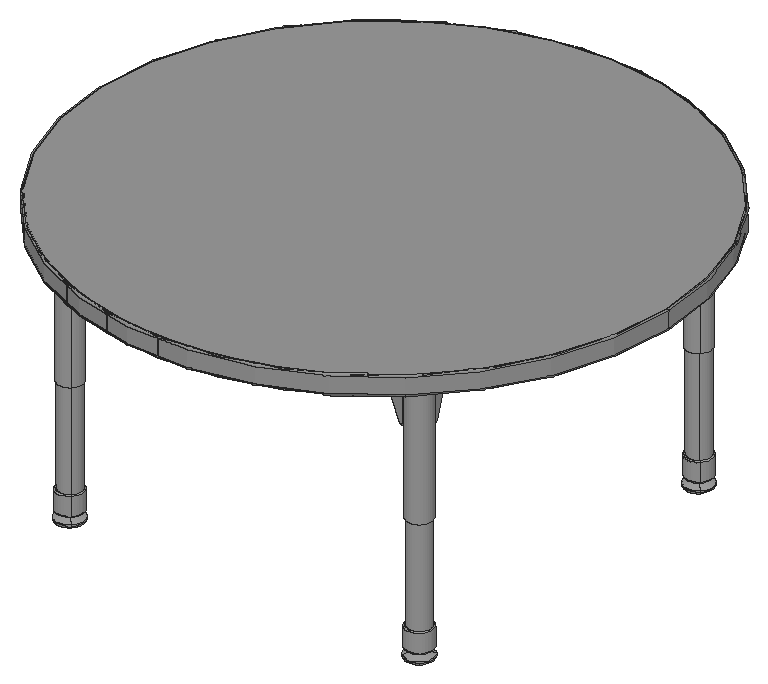
Revit family "Hierarchy Activity 36in Round Table - Youth Height", category Furniture, Revit 2018
Family settings
  Work Plane-Based = No
  Always vertical = Yes
  Cut with Voids When Loaded = No
  Shared = No
  Room Calculation Point = No
Parameters
  Table Height = 1' - 4"
  Surface = Hierarchy Activity 36" Round Table Youth Surface
  Leg Finish = Hierarchy Leg Platinum
  Edgeband = Hierarchy Activity 36" Round Table Youth Edgeband
  Caster/Glide = Hierarchy Youth Leg - Glide : Hierarchy Youth Leg - Glide
Reference planes (in)
  plane 1 "Center (Front/Back)": y = 0
  plane 2: z = 0
  plane 3 "Center (Left/Right)": x = 0
  plane 4: z = 16
Dimensions and locks (in)
  "Table Height": plane 4 to level
  aligned and locked: plane 2 to level
  aligned and locked: nested 1 to plane 4
Nested families (in)
  nested 1: "Activity 36 Round Tabletop" at (0, 0, -7.925), type "Activity 36 Round Tabletop"
  nested 2: "Hierarchy Youth Leg - Glide" at (-11, 11, 0) x (0.7071, 0.7071, 0) z (0, 0, 1), type <- "Caster/Glide", Leg Finish <- "Leg Finish", Leg Height <- "Table Height", type "Hierarchy Youth Leg - Glide"
    with Leg Height 1' - 4", Leg Finish Hierarchy Leg Platinum
  nested 3: "Hierarchy Youth Leg - Glide" at (-11, -11, 0) x (-0.7071, 0.7071, 0) z (0, 0, 1), type <- "Caster/Glide", Leg Finish <- "Leg Finish", Leg Height <- "Table Height", type "Hierarchy Youth Leg - Glide"
    with Leg Height 1' - 4", Leg Finish Hierarchy Leg Platinum
  nested 4: "Hierarchy Youth Leg - Glide" at (11, -11, 0) x (-0.7071, -0.7071, 0) z (0, 0, 1), Leg Finish <- "Leg Finish", Leg Height <- "Table Height", type "Hierarchy Youth Leg - Glide"
    with Leg Height 1' - 4", Leg Finish Hierarchy Leg Platinum
  nested 5: "Hierarchy Youth Leg - Glide" at (11, 11, 0) x (0.7071, -0.7071, 0) z (0, 0, 1), Leg Finish <- "Leg Finish", Leg Height <- "Table Height", type "Hierarchy Youth Leg - Glide"
    with Leg Height 1' - 4", Leg Finish Hierarchy Leg Platinum
Definition of nested family "Activity 36 Round Tabletop"
  Parameters (values of type "Activity 36 Round Tabletop")
    Surface = none
    Edgeband = none
  Reference planes (in)
    plane 1 "Center (Front/Back)": y = 0
    plane 2: z = 0
    plane 3 "Center (Left/Right)": x = 0
  Forms (in)
    Extrusion 1, solid, material <- "Surface"
      sketch origin (0, 0, 0) x (1, 0, 0) y (0, 1, 0)
        loop
          circle (0, 0) r 17.81944
      from 23.925 to 25.125
    Sweep 2, solid, material <- "Edgeband"
      path origin (0, 0, 0) x (1, 0, 0) y (0, 1, 0)
        loop
          circle (0, 0) r 17.81944
      profile origin (0, 17.81944, 0) x (0, -1, 0) y (0, 0, 1)
        loop
          arc (0.0021, 25.125) -> (-0.06861, 25.09571) -> (-0.0979, 25.025) r 0.1
          line (-0.0979, 25.025) -> (-0.0979, 24.025)
          arc (-0.0979, 24.025) -> (-0.06861, 23.95429) -> (0.0021, 23.925) r 0.1
          line (0.0021, 23.925) -> (0.0021, 25.125)
  Dimensions and locks (in)
    aligned and locked: plane 2 to level
Definition of nested family "Hierarchy Youth Leg - Glide"
  Parameters (values of type "Hierarchy Youth Leg - Glide")
    Leg Finish [instance] = none
    Leg Height [instance] = 1' - 4.80117"
  Reference planes (in)
    plane 1 "Center (Front/Back)": y = 0
    plane 2: z = 0
    plane 3 "Center (Left/Right)": x = 0
  Forms (in)
    Extrusion 1, solid
      sketch origin (-0.01562, 0, 0) x (1, 0, 0) y (0, 1, 0)
        loop
          circle (0.01563, 0) r 0.67016
      from 0.67618 to 10.55018
    Revolve 2, solid
      sketch origin (0, 0, 0) x (1, 0, 0) y (0, 0, 1)
        loop
          line (-0.73189, 1.80118) -> (-0.79439, 1.73867) -> (-0.79439, 0.61381) -> (-0.73176, 0.55118) -> (-0.125, 0.55118) -> (-0.125, 0.42618) -> (-0.84656, 0.16241) -> (-0.84656, 0.08994) -> (-0.81359, 0) -> (0, 0) -> (0, 1.80118) -> (-0.73189, 1.80118)
        axis (0, 1.80118) -> (0, 0)
      angle from 0 to 360
  Dimensions and locks (in)
    "Leg Height": nested 1 to level  (x2)
    aligned and locked: plane 2 to level
  Automatic sketch dimensions
    plane 1 "Center (Front/Back)" to Extrusion 1 sketch curve = 0' - 0"
    Extrusion 1 sketch curve to plane 3 "Center (Left/Right)" = 0' - 0"
    Revolve 2 sketch curve to level = 0' - 0"
    Revolve 2 sketch curve to plane 3 "Center (Left/Right)" = 0' - 0"  (x2)
    Revolve 2 sketch curve to plane 3 "Center (Left/Right)" = 0' - 0 1/8"
    Revolve 2 sketch curve to Revolve 2 sketch curve = 0' - 0.60676"
    Revolve 2 sketch curve to Revolve 2 sketch curve = 0' - 0.73189"
    Revolve 2 sketch curve to Revolve 2 sketch curve = 0' - 0.06263"  (x2)
    Revolve 2 sketch curve to Revolve 2 sketch curve = 0' - 0.08183"
    Revolve 2 sketch curve to Revolve 2 sketch curve = 0' - 0.03297"
    level to Revolve 2 sketch curve = 0' - 0.08994"
    Revolve 2 sketch curve to Revolve 2 sketch curve = 0' - 0.07247"
    level to Revolve 2 sketch curve = 0' - 0.42618"
    Revolve 2 sketch curve to Revolve 2 sketch curve = 0' - 0 1/8"
    Revolve 2 sketch curve to Revolve 2 sketch curve = 0' - 1.12486"
    Revolve 2 sketch curve to Revolve 2 sketch curve = 0' - 0 1/16"
    Revolve 2 sketch curve to level = 2' - 0"
    Revolve 2 sketch curve to Revolve 2 sketch curve = 8' - 4.91764"
    radius of Extrusion 1 sketch curve = 0' - 0.67016"
  Nested families (in)
    nested 1: "Hierarchy Youth Upper Leg 2023" at (0, 0, 0), Leg Finish <- "Leg Finish", type "Hierarchy Youth Upper Leg 2023"
      with Leg Finish none
  Definition of nested family "Hierarchy Youth Upper Leg 2023"
    Parameters (values of type "Hierarchy Youth Upper Leg 2023")
      Leg Finish [instance] = none
    Reference planes (in)
      plane 1 "Center (Front/Back)": y = 0
      plane 2: z = 0
      plane 3 "Center (Left/Right)": x = 0
    Forms (in)
      Extrusion 1, solid, material <- "Leg Finish"
        sketch origin (0, 0, -11.001) x (1, 0, 0) y (0, 1, 0)
          loop
            circle (0, 0) r 0.75
        from 19.67618 to 27.67618
      Extrusion 2, solid, material <- "Leg Finish"
        sketch origin (0, 0, -11.001) x (1, 0, 0) y (0, 1, 0)
          loop
            line (-1.70174, 0.19183) -> (-2.88626, -2.26116)
            arc (-2.88626, -2.26116) -> (-2.83993, -3.09822) -> (-2.1063, -3.50394) r 0.86614
            line (-2.1063, -3.50394) -> (2.1063, -3.50394)
            arc (2.1063, -3.50394) -> (2.83993, -3.09822) -> (2.88626, -2.26116) r 0.86614
            line (2.88626, -2.26116) -> (1.70174, 0.19183)
            arc (1.70174, 0.19183) -> (0, 1.25984) -> (-1.70174, 0.19183) r 1.88976
        from 27.67618 to 27.80217
      Extrusion 3, solid, material <- "Leg Finish"
        sketch origin (-1.48519, 8.66524, -11.001) x (-0.434844, 0.900506, 0) y (0, 0, 1)
          loop
            line (-9.01425, 27.67618) -> (-11.80952, 27.67618)
            arc (-11.80952, 27.67618) -> (-11.92325, 27.58993) -> (-11.87088, 27.45715) r 0.11811
            arc (-11.87088, 27.45715) -> (-10.39364, 26.29679) -> (-9.23328, 24.81955) r 7.87402
            arc (-9.23328, 24.81955) -> (-9.1005, 24.76717) -> (-9.01425, 24.88091) r 0.11811
            line (-9.01425, 24.88091) -> (-9.01425, 27.67618)
        from -1.94075 to -1.81476
      Extrusion 4, solid, material <- "Leg Finish"
        sketch origin (1.48519, 8.66524, -11.001) x (0.434844, 0.900506, 0) y (0, 0, -1)
          loop
            line (-9.01425, -27.67618) -> (-9.01425, -24.88091)
            arc (-9.01425, -24.88091) -> (-9.1005, -24.76717) -> (-9.23328, -24.81955) r 0.11811
            arc (-9.23328, -24.81955) -> (-10.39364, -26.29679) -> (-11.87088, -27.45715) r 7.87402
            arc (-11.87088, -27.45715) -> (-11.92325, -27.58993) -> (-11.80952, -27.67618) r 0.11811
            line (-11.80952, -27.67618) -> (-9.01425, -27.67618)
        from -1.94075 to -1.81476
    Dimensions and locks (in)
      aligned and locked: plane 2 to level
